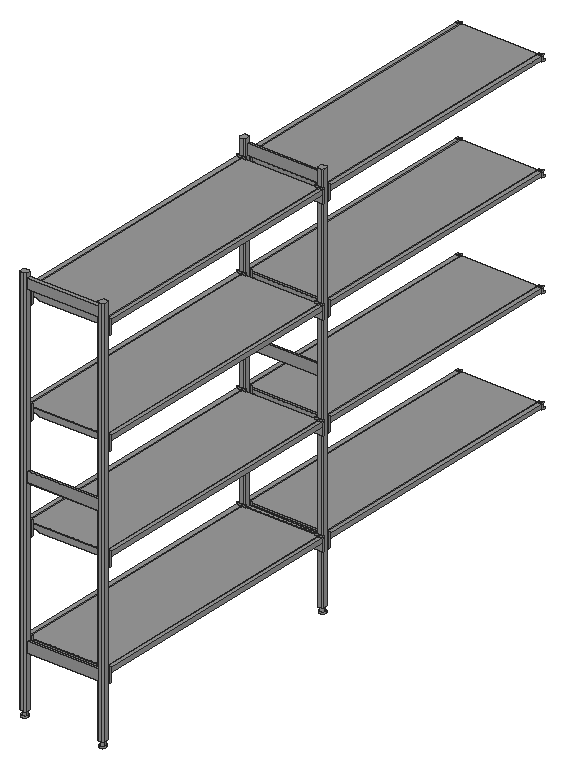
Revit family "QF_ELECTROLUXPROFESSIONAL_137066_ACS2372", category Attrezzature speciali, Revit 2020 (continued)
Definition of nested family "WT_Aggancio373"
  Lines and regions (mm)
    symbolic lines
      curve 7: line (-408, 23, 0) -> (-412, 23, 0)
      curve 8: line (-408, 3.978, 0) -> (-408, 23, 0)
  Dimensions and locks
    "Height": plane 5 "TOP" to level
    "Depth": plane 3 "BACK" to plane 4 "FRONT"
    "Dint": plane 7 to plane 8
    equal spacing: plane 7, plane 6 "Center (Front/Back)", plane 8
    equal spacing: plane 3 "BACK", plane 6 "Center (Front/Back)", plane 4 "FRONT"
    plane 9 "FEET" to level = 25.0 mm
    plane 5 "TOP" to plane 9 "FEET" = 1700.0 mm
    plane 10 to plane 9 "FEET" = 250.0 mm
    plane 11 to plane 10 = 450.0 mm
    plane 12 to plane 11 = 450.0 mm
    plane 13 to plane 12 = 450.0 mm
    locked: plane 3 "BACK" to plane 15 "CYBack" at 17.5
    locked: plane 16 "CYFront" to plane 4 "FRONT" at 17.5
    aligned and locked: level to plane 1
    aligned and locked: Extrusion 1 sketch curve to Extrusion 1 sketch curve  (x3)
  Automatic sketch dimensions
    plane 16 "CYFront" to Extrusion 1 sketch curve = 1.478 mm  (x4)
    Extrusion 1 sketch curve to Extrusion 1 sketch curve = 2.0 mm
    plane 8 to Extrusion 1 sketch curve = 3.478 mm  (x4)
    Extrusion 1 sketch curve to plane 10 = 4.006 mm
    Extrusion 1 sketch curve to Extrusion 1 sketch curve = 34.0 mm  (x4)
    Extrusion 1 sketch curve to plane 11 = 4.006 mm
    Extrusion 1 sketch curve to plane 12 = 4.006 mm
    Extrusion 1 sketch curve to plane 13 = 4.006 mm
    Extrusion 1 sketch curve to plane 7 = 37.522 mm  (x4)
    Extrusion 1 sketch curve to plane 7 = 3.522 mm  (x4)
    plane 14 to Extrusion 1 sketch curve = 3.516 mm  (x4)
    plane 14 to Extrusion 1 sketch curve = 1.522 mm  (x4)
    plane 10 to Extrusion 1 sketch curve = 7.998 mm  (x2)
    Extrusion 1 sketch curve to Extrusion 1 sketch curve = 11.498 mm  (x4)
    Extrusion 1 sketch curve to Extrusion 1 sketch curve = 6.499 mm  (x8)
    plane 11 to Extrusion 1 sketch curve = 7.998 mm  (x2)
    plane 12 to Extrusion 1 sketch curve = 7.998 mm  (x2)
    plane 13 to Extrusion 1 sketch curve = 7.998 mm  (x2)
    plane 2 "LEFT" to Extrusion 2 sketch curve = 0.0 mm  (x4)
    plane 13 to Extrusion 2 sketch curve = 7.996 mm
    plane 11 to Extrusion 2 sketch curve = 7.996 mm
    Extrusion 2 sketch curve to Extrusion 2 sketch curve = 5.0 mm  (x4)
    plane 11 to Extrusion 2 sketch curve = 2.494 mm
    plane 10 to Extrusion 2 sketch curve = 28.996 mm
    Extrusion 2 sketch curve to Extrusion 2 sketch curve = 3.0 mm  (x4)
    plane 10 to Extrusion 2 sketch curve = 7.996 mm
    plane 10 to Extrusion 2 sketch curve = 2.494 mm
    Extrusion 2 sketch curve to Extrusion 2 sketch curve = 18.0 mm  (x3)
    plane 12 to Extrusion 2 sketch curve = 2.494 mm
    plane 12 to Extrusion 2 sketch curve = 7.996 mm
    plane 13 to Extrusion 2 sketch curve = 2.494 mm
    plane 2 "LEFT" to Extrusion 3 sketch curve = 0.0 mm  (x4)
    plane 13 to Extrusion 3 sketch curve = 7.996 mm
    plane 11 to Extrusion 3 sketch curve = 7.996 mm
    Extrusion 3 sketch curve to Extrusion 3 sketch curve = 5.0 mm  (x4)
    plane 11 to Extrusion 3 sketch curve = 2.494 mm
    plane 10 to Extrusion 3 sketch curve = 28.996 mm
    Extrusion 3 sketch curve to Extrusion 3 sketch curve = 3.0 mm  (x4)
    plane 10 to Extrusion 3 sketch curve = 7.996 mm
    plane 10 to Extrusion 3 sketch curve = 2.494 mm
    Extrusion 3 sketch curve to Extrusion 3 sketch curve = 18.0 mm  (x3)
    plane 12 to Extrusion 3 sketch curve = 2.494 mm
    plane 12 to Extrusion 3 sketch curve = 7.996 mm
    plane 13 to Extrusion 3 sketch curve = 2.494 mm
    plane 2 "LEFT" to curve 1 = 5.0 mm
    plane 2 "LEFT" to curve 7 = 5.0 mm
    curve 1 to plane 16 "CYFront" = 17.5 mm
    curve 3 to plane 8 = 12.522 mm
    plane 7 to curve 5 = 12.478 mm
    curve 7 to plane 14 = 17.5 mm
    curve 5 to curve 5 = 4.0 mm
    curve 1 to curve 4 = 4.0 mm
    Extrusion 2 sketch curve to Extrusion 2 sketch curve = 4.0 mm  (x4)
    Extrusion 2 sketch curve to Extrusion 2 sketch curve = 8.969 mm  (x4)
    Extrusion 3 sketch curve to Extrusion 3 sketch curve = 4.0 mm  (x4)
    Extrusion 3 sketch curve to Extrusion 3 sketch curve = 8.969 mm  (x4)
